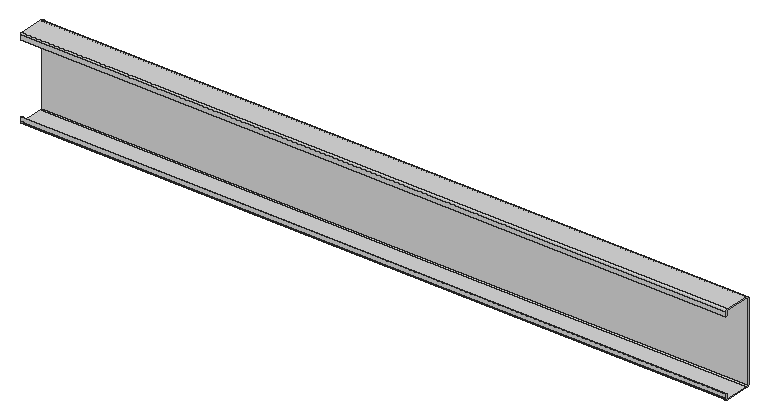
Revit family "5e2e71d85c594eddb05f6aa8ea3bdc91", category Structural Framing, Revit 2021
Family settings
  Structural Framing Length Roundoff = 0' - 0"
  Section Shape = Not Defined
  Material for Model Behavior = Steel
  Always export as geometry = No
  OmniClass Number = 23.25.30.11.14.14
  OmniClass Title = Beams
  Seek Item ID = Light Gauge-Joists-0000-USA-ENU
  Always vertical = Yes
  Cut with Voids When Loaded = No
  Symbolic Representation = From Project Settings
  Shared = No
  Show family pre-cut in plan views = Yes
Parameters (values of type "C5 1/2")
  t1 = if((t / 0.95 * 0' 1" / 1000) < 0' 0 1/32", 0' 0 1/32", (t / 0.95 * 0' 1" / 1000))  # 0' - 0 1/32"
  t = 18
  d = 0' - 0 51/128"
  W = 0
  Structural Material [instance] = Metal - Light Gauge
  B = 0' - 1 7/8"
  Assembly Code = "B10"
  Length [instance] = 5' - 0"
  D = 0' - 5 1/2"
  A = 0.00 in²
Reference planes (in)
  plane 1 "Center (Front/Back)": y = 0
  plane 2: z = 0
  plane 3 "Center (Left/Right)": x = 0.0003
  plane 4 "Member Left": x = -23.8185
  plane 5 "Member Right": x = 24.1815
  plane 6 "Top": z = 2.75
  plane 7: z = -2.75
  plane 8 "Left": x = -29.8185
  plane 9 "Right": x = 30.1815
  plane 10: y = -1.875
  plane 11: z = -2.35156
  plane 12: z = 2.35156
Forms (in)
  Sweep 1, solid, material "Metal - Light Gauge" <- "Structural Material", detail levels medium
    path origin (0, 0, 0) x (1, 0, 0) y (0, 1, 0)
      loop
        line (24.1815, 0) -> (-23.8185, 0)
    profile origin (0.1815, 0, 0) x (0, -1, 0) y (0, 0, 1)
      loop
        line (0, 2.75) -> (0, -2.75) -> (1.875, -2.75) -> (1.875, -2.35156) -> (1.84375, -2.35156) -> (1.84375, -2.71875) -> (0.03125, -2.71875) -> (0.03125, 2.71875) -> (1.84375, 2.71875) -> (1.84375, 2.35156) -> (1.875, 2.35156) -> (1.875, 2.75) -> (0, 2.75)
  Sweep 2, solid, material "Metal - Light Gauge" <- "Structural Material", detail levels fine
    path origin (0, 0.00061, 0) x (1, 0, 0) y (0, 1, 0)
      loop
        line (24.1815, -0.00061) -> (-23.8185, -0.00061)
    profile origin (0.1815, 0, 0) x (0, -1, 0) y (0, 0, 1)
      loop
        line (0, 2.65691) -> (0, -2.65691)
        arc (0, -2.65691) -> (0.02726, -2.72274) -> (0.09309, -2.75) r 0.09309
        line (0.09309, -2.75) -> (1.78191, -2.75)
        arc (1.78191, -2.75) -> (1.84774, -2.72274) -> (1.875, -2.65691) r 0.09309
        line (1.875, -2.65691) -> (1.875, -2.35156) -> (1.84375, -2.35156) -> (1.84375, -2.65691)
        arc (1.84375, -2.65691) -> (1.82564, -2.70064) -> (1.78191, -2.71875) r 0.06184
        line (1.78191, -2.71875) -> (0.09309, -2.71875)
        arc (0.09309, -2.71875) -> (0.04936, -2.70064) -> (0.03125, -2.65691) r 0.06184
        line (0.03125, -2.65691) -> (0.03125, 2.65691)
        arc (0.03125, 2.65691) -> (0.04936, 2.70064) -> (0.09309, 2.71875) r 0.06184
        line (0.09309, 2.71875) -> (1.78191, 2.71875)
        arc (1.78191, 2.71875) -> (1.82564, 2.70064) -> (1.84375, 2.65691) r 0.06184
        line (1.84375, 2.65691) -> (1.84375, 2.35156) -> (1.875, 2.35156) -> (1.875, 2.65691)
        arc (1.875, 2.65691) -> (1.84774, 2.72274) -> (1.78191, 2.75) r 0.09309
        line (1.78191, 2.75) -> (0.09309, 2.75)
        arc (0.09309, 2.75) -> (0.02726, 2.72274) -> (0, 2.65691) r 0.09309
Lines and regions (in)
  symbolic lines, style "Hidden Faces", detail levels medium+fine
    curve 1: line (-23.8185, -0.03125, 0) -> (24.1815, -0.03125, 0)
    curve 2: line (-23.8185, 0.1875, 2.71875) -> (24.1815, 0.1875, 2.71875)
    curve 3: line (-23.8185, 0.1875, -2.71875) -> (24.1815, 0.1875, -2.71875)
    curve 9: line (-23.8185, -1.84375, 0) -> (24.1815, -1.84375, 0)
    curve 10: line (24.1815, 0, 2.35156) -> (-23.8185, 0, 2.35156)
    curve 11: line (24.1815, 0, -2.35156) -> (-23.8185, 0, -2.35156)
  symbolic lines, style "Stick Symbols", detail levels coarse
    curve 4: line (-29.8185, -1.875, 2.35156) -> (-29.8185, -1.875, 2.75)
    curve 5: line (-29.8185, -1.875, 2.75) -> (-29.8185, 0, 2.75)
    curve 6: line (-29.8185, 0, 2.75) -> (-29.8185, 0, -2.75)
    curve 7: line (-29.8185, 0, -2.75) -> (-29.8185, -1.875, -2.75)
    curve 8: line (-29.8185, -1.875, -2.75) -> (-29.8185, -1.875, -2.35156)
Dimensions and locks (in)
  "D": plane 7 to plane 6 "Top"
  equal spacing: plane 7, plane 2, plane 6 "Top"
  "Length": plane 8 "Left" to plane 9 "Right"
  "B": plane 1 "Center (Front/Back)" to plane 10
  "d": plane 7 to plane 11
  "d": plane 12 to plane 6 "Top"
  "t1": plane 6 "Top" to Sweep 1 sketch curve
  "t1": Sweep 1 sketch curve to plane 10  (x2)
  "t1": plane 7 to Sweep 1 sketch curve
  "t1": plane 1 "Center (Front/Back)" to Sweep 1 sketch curve
  "t1": Sweep 2 sketch curve to Sweep 2 sketch curve  (x5)
  "t1": curve 1 to plane 1 "Center (Front/Back)"
  "t1": plane 10 to curve 9
  "t1": curve 2 to Sweep 1
  "t1": curve 3 to Sweep 1
  aligned and locked: Sweep 1 sketch curve to plane 1 "Center (Front/Back)"  (x2)
  aligned and locked: Sweep 1 sketch curve to plane 12
  aligned and locked: Sweep 1 sketch curve to plane 10
  aligned and locked: Sweep 1 sketch curve to plane 6 "Top"
  aligned and locked: plane 7 to Sweep 1 sketch curve
  aligned and locked: plane 10 to Sweep 1 sketch curve
  aligned and locked: plane 11 to Sweep 1 sketch curve
  aligned and locked: plane 10 to Sweep 1  (x2)
  aligned and locked: plane 7 to Sweep 1
  aligned and locked: Sweep 1 to plane 1 "Center (Front/Back)"
  aligned and locked: Sweep 1 to plane 6 "Top"
  aligned and locked: plane 10 to curve 4
  aligned and locked: plane 12 to Sweep 1
  aligned and locked: plane 11 to Sweep 1
  aligned and locked: Sweep 2 to plane 1 "Center (Front/Back)"
  aligned and locked: Sweep 2 to plane 6 "Top"
  aligned and locked: Sweep 2 sketch curve to Sweep 1
  aligned and locked: Sweep 2 sketch curve to plane 10
  aligned and locked: Sweep 2 sketch curve to plane 12
  aligned and locked: plane 11 to Sweep 2 sketch curve
  aligned and locked: Sweep 2 sketch curve to plane 1 "Center (Front/Back)"
  aligned and locked: Sweep 2 sketch curve to plane 6 "Top"
  aligned and locked: plane 10 to Sweep 2 sketch curve
  aligned and locked: plane 7 to Sweep 2 sketch curve
  aligned and locked: Sweep 2 to curve 11
  aligned and locked: plane 11 to Sweep 2
  aligned and locked: plane 12 to Sweep 2
  aligned and locked: Sweep 1 to Sweep 2  (x2)
  aligned and locked: curve 10 to Sweep 2
  aligned and locked: plane 4 "Member Left" to Sweep 2 sketch curve
  aligned and locked: plane 5 "Member Right" to Sweep 2 sketch curve
  aligned and locked: plane 5 "Member Right" to Sweep 1 sketch curve
  aligned and locked: plane 4 "Member Left" to Sweep 1 sketch curve
  aligned and locked: plane 4 "Member Left" to curve 1
  aligned and locked: plane 4 "Member Left" to curve 9
  aligned and locked: plane 5 "Member Right" to curve 1
  aligned and locked: plane 5 "Member Right" to curve 9
  aligned and locked: plane 4 "Member Left" to curve 2
  aligned and locked: plane 4 "Member Left" to curve 10
  aligned and locked: plane 4 "Member Left" to curve 3
  aligned and locked: plane 5 "Member Right" to curve 2
  aligned and locked: plane 5 "Member Right" to curve 10
  aligned and locked: plane 5 "Member Right" to curve 11
  aligned and locked: plane 5 "Member Right" to curve 3
Automatic sketch dimensions
  curve 7 to plane 1 "Center (Front/Back)" = 0' - 0"
  curve 7 to plane 7 = 0' - 0"
  curve 7 to plane 10 = 0' - 0"
  curve 8 to plane 11 = 0' - 0"
  curve 4 to plane 12 = 0' - 0"
  curve 5 to plane 6 "Top" = 0' - 0"
  Sweep 2 sketch curve to Sweep 2 sketch curve = 0' - 0"  (x4)
  Sweep 2 sketch curve to Sweep 2 sketch curve = 0' - 0.06184"  (x4)
  curve 11 to plane 11 = 0' - 0"
